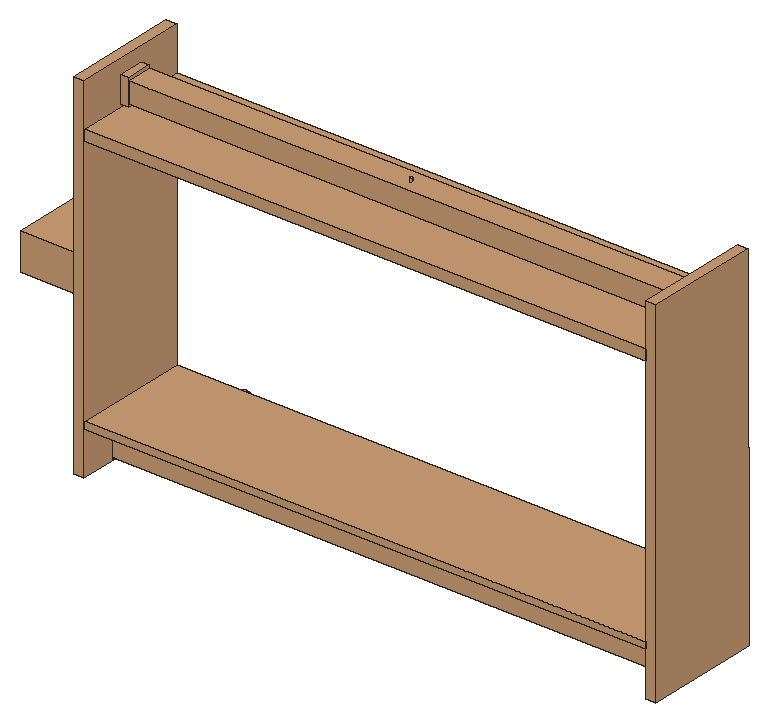
Revit family
Parameters
  Center of Unit = 0' - 0"  # constant formula
  Total Heating Capacity [instance] = 0.0 Btu/h
  Series = "VIFB"
  Outlet Area = 35.80 SF
  Lower Frame Thickness = if(Headers Height = 0' 3", 0' 1 1/4", if(Headers Height = 0' 3 1/4", 0' 1 1/4", 0' 0"))  # 0' - 1 1/4"
  Water Pressure Drop [instance] = 0.00 psi
  Water Flow [instance] = 0 GPM
  Unit Weight (lbs) = 1215
  URL = "http://www.ljwing.com/"
  Water Outlet Radius = 0' - 1 1/2"
  Headers Height = if(M = 0' 1", 0' 3", if(M = 0' 1 1/2", 0' 3 1/4", 0' 0"))  # 0' - 3 1/4"
  Number of Rows = 2  # constant formula
  Number of Coils [instance] = 0
  Nominal Length = 9' - 3 3/16"
  N = 1' - 0 3/4"
  Model = "VC-10W"
  Manufacturer = "LJ Wing"
  M = 0' - 1 1/2"
  Leaving Water Temperature [instance] = 0 °F
  Leaving Air Temperature [instance] = 0 °F
  Entering Water Temperature [instance] = 0 °F
  Entering Air Temperature [instance] = 0 °F
  Description = "Vertical Integral Face & Bypass Water Heating Coils"
  Hot Water Inlet  Radius = 0' - 1 1/2"
  Coil Face Area = Outlet Area * 0.56  # 20.048 SF
  Casing Material = ""
  Assembly Code = "D3020300"
  Air Vent Radius = 0' - 0 1/4"
  Air Pressure Drop [instance] = 0.00 in-wg
  Air Inlet Width = Nominal Length - 0' 4"  # 8' - 11 3/16"
  Air Inlet Height = Y  # 4' - 0"
  Air Flow [instance] = 0 CFM
  Y = 4' - 0"
  S = 0' - 9 3/4"  # constant formula
  Product URL = "http://www.ljwing.com/html/vifb.asp"
  OmniClass = "23-75 70 21 14 "
  Nominal Height = 5' - 8"
  Nominal Depth = 1' - 10"
  R = 0' - 10 1/4"  # constant formula
  Q = 0' - 4 19/32"
Reference planes (in)
  plane 1 "Center (Front/Back)": y = 0
  plane 2: z = -24
  plane 3 "Center (Left/Right)": x = 0
  plane 4: z = 34.25
  plane 5: x = -55.59375
  plane 6: x = 55.59375
  plane 7: z = -33.75
  plane 8: z = 0
  plane 9: y = -11
  plane 10: y = 11
  plane 11: z = 24
  plane 12: z = 26
  plane 13: z = -25.25
  plane 14: x = 53.59375
  plane 15: x = -53.59375
  plane 16: x = -51
  plane 17: x = 51
  plane 18: y = 14.0625
  plane 19: x = -66.59375
  plane 20: z = 31.125
  plane 21: z = 27.125
  plane 22: y = -2.5
  plane 23: y = 2.5
  plane 24: y = -4.5
  plane 25: z = -31.375
  plane 26: x = -42.84375
  plane 27: x = 42.84375
  plane 28: z = -27.375
Forms (in)
  Extrusion 1, solid, material "Painted Finish"
    sketch origin (0, 6, -9.75) x (1, 0, 0) y (0, 0, 1)
      loop
        line (-55.59375, -24) -> (-53.59375, -24) -> (-53.59375, 44) -> (-55.59375, 44) -> (-55.59375, -24)
      loop
        line (55.59375, -24) -> (55.59375, 44) -> (53.59375, 44) -> (53.59375, -24) -> (55.59375, -24)
    from -5 to 17
  Extrusion 2, solid, material "Painted Finish"
    sketch origin (0, 6, 0) x (1, 0, 0) y (0, 0, 1)
      loop
        line (53.59375, -24) -> (-53.59375, -24) -> (-53.59375, -25.25) -> (53.59375, -25.25) -> (53.59375, -24)
      loop
        line (53.59375, 24) -> (53.59375, 26) -> (-53.59375, 26) -> (-53.59375, 24) -> (53.59375, 24)
    from -5 to 17
  Extrusion 3, solid, material "Painted Finish"
    sketch origin (0, 10, -0.5) x (1, 0, 0) y (0, 0, 1)
      loop
        line (-55.59375, 4) -> (-66.59375, 4) -> (-66.59375, -3) -> (-55.59375, -3) -> (-55.59375, 4)
    from 0 to 20
  Extrusion 4, solid, material "Painted Finish"
    sketch origin (0, 6, 0) x (1, 0, 0) y (0, 0, 1)
      loop
        line (-51.96875, 31.125) -> (-51.96875, 27.125) -> (51.96875, 27.125) -> (51.96875, 31.125) -> (-51.96875, 31.125)
    from 3.5 to 8.5
  Extrusion 5, solid, material "Painted Finish"
    sketch origin (0, 0, 0) x (1, 0, 0) y (0, 0, 1)
      loop
        line (-51.96875, 26.625) -> (-51.96875, 31.625) -> (-53.59375, 31.625) -> (-53.59375, 26.625) -> (-51.96875, 26.625)
      loop
        line (53.59375, 26.625) -> (53.59375, 31.625) -> (51.96875, 31.625) -> (51.96875, 26.625) -> (53.59375, 26.625)
    from -2.5 to 2.5
  Extrusion 6, solid, material "Painted Finish"
    sketch origin (0, 6, 0) x (1, 0, 0) y (0, 0, 1)
      loop
        line (-53.09375, -25.75) -> (-53.09375, -25.5) -> (-53.59375, -25.5) -> (-53.59375, -29.25) -> (-53.09375, -29.25) -> (-53.09375, -29) -> (53.09375, -29) -> (53.09375, -29.25) -> (53.59375, -29.25) -> (53.59375, -25.5) -> (53.09375, -25.5) -> (53.09375, -25.75) -> (-53.09375, -25.75)
      loop
        line (53.09375, -33) -> (53.09375, -33.125) -> (53.59375, -33.125) -> (53.59375, -29.5) -> (53.09375, -29.5) -> (53.09375, -29.75) -> (-53.09375, -29.75) -> (-53.09375, -29.5) -> (-53.59375, -29.5) -> (-53.59375, -33.25) -> (-53.09375, -33.25) -> (-53.09375, -33) -> (53.09375, -33)
    from -5 to 10.5
  Extrusion 7, void
    sketch origin (0, 0, 0) x (1, 0, 0) y (0, 0, 1)
      loop
        line (-53.59375, 24) -> (-53.59375, -24) -> (53.59375, -24) -> (53.59375, 24) -> (-53.59375, 24)
    from -11 to 11
  Extrusion 8, solid, material "Painted Finish"
    sketch origin (0, 0, 0) x (1, 0, 0) y (0, 0, 1)
      loop
        circle (42.84375, -31.375) r 1.5
      loop
        circle (-42.84375, -27.375) r 1.5
    from -14.0625 to -11
  Extrusion 9, solid, material "Painted Finish"
    sketch origin (0, 0, 0) x (1, 0, 0) y (0, 1, 0)
      loop
        circle (0, 0) r 0.25
    from 31.125 to 31.625
Cuts and joins
  Extrusion 7 cuts Extrusion 1
  Extrusion 7 cuts Extrusion 2
Dimensions and locks (in)
  "Nominal Length": plane 6 to plane 5
  equal spacing: plane 6, plane 3 "Center (Left/Right)", plane 5
  "S": plane 2 to plane 7
  "Nominal Depth": plane 10 to plane 9
  equal spacing: plane 10, plane 1 "Center (Front/Back)", plane 9
  "Y": plane 11 to plane 2
  "R": plane 4 to plane 11
  locked: plane 12 to plane 11 at 2
  "Lower Frame Thickness": plane 2 to plane 13
  "Q": plane 16 to plane 5
  "Q": plane 6 to plane 17
  locked: plane 18 to plane 10 at 3.0625
  locked: plane 5 to plane 19 at 11
  locked: Extrusion 3 sketch curve to Extrusion 3 sketch curve at 7
  locked: Extrusion 3 to Extrusion 3 at 20
  locked: plane 6 to plane 14 at 2
  locked: plane 15 to plane 5 at 2
  locked: Extrusion 5 sketch curve to plane 20 at 0.5
  locked: plane 21 to Extrusion 5 sketch curve at 0.5
  locked: plane 20 to plane 21 at 4
  locked: plane 23 to plane 22 at 5
  equal spacing: plane 23, plane 1 "Center (Front/Back)", plane 22
  locked: plane 22 to plane 24 at 2
  plane 4 to plane 7 = 5' - 8"
  locked: Extrusion 5 sketch curve to Extrusion 1 at 1.625
  locked: Extrusion 5 sketch curve to Extrusion 5 sketch curve at 1.625
  locked: Extrusion 7 sketch curve to plane 11 at 0
  locked: Extrusion 7 sketch curve to plane 15 at 0
  locked: Extrusion 7 sketch curve to plane 14 at 0
  locked: plane 15 to Extrusion 6 sketch curve at 0.5
  locked: Extrusion 6 sketch curve to Extrusion 6 sketch curve at 0.25  (x2)
  locked: plane 25 to plane 7 at 2.375
  "N": plane 26 to plane 5
  "N": plane 6 to plane 27
  locked: plane 28 to plane 7 at 6.375
  "Headers Height": Extrusion 6 sketch curve to Extrusion 6 sketch curve  (x2)
  locked: Extrusion 8 sketch curve to plane 25 at 0
  locked: Extrusion 8 sketch curve to plane 28 at 0
  locked: Extrusion 9 sketch curve to plane 1 "Center (Front/Back)" at 0
  locked: Extrusion 9 sketch curve to plane 3 "Center (Left/Right)" at 0
  equal spacing: Extrusion 6 sketch curve, plane 28, Extrusion 6 sketch curve
  equal spacing: Extrusion 6 sketch curve, plane 25, Extrusion 6 sketch curve
  locked: plane 4 to plane 20 at 3.125
  locked: Extrusion 7 sketch curve to plane 2 at 0
  equal spacing: plane 11, plane 8, plane 2
  locked: Extrusion 8 sketch curve to plane 27 at 0
  locked: Extrusion 8 sketch curve to plane 26 at 0
  "M": radius of Extrusion 8 sketch curve  (x2)
  "Air Vent Radius": radius of Extrusion 9 sketch curve
  aligned and locked: Extrusion 1 to plane 9
  aligned and locked: Extrusion 1 to plane 10
  aligned and locked: Extrusion 1 to plane 15
  aligned and locked: Extrusion 1 to plane 14
  aligned and locked: Extrusion 2 to plane 9
  aligned and locked: plane 9 to Extrusion 1
  aligned and locked: plane 10 to Extrusion 1  (x2)
  aligned and locked: Extrusion 2 to plane 10
  aligned and locked: plane 10 to Extrusion 2  (x2)
  aligned and locked: plane 9 to Extrusion 2  (x2)
  aligned and locked: plane 5 to Extrusion 3
  aligned and locked: Extrusion 5 sketch curve to plane 15
  aligned and locked: Extrusion 5 sketch curve to Extrusion 4
  aligned and locked: Extrusion 1 to Extrusion 6
  aligned and locked: plane 22 to Extrusion 5
  aligned and locked: Extrusion 5 to Extrusion 4  (x2)
  aligned and locked: Extrusion 5 to plane 23
  aligned and locked: Extrusion 6 to plane 24
  aligned and locked: Extrusion 4 to Extrusion 5  (x2)
  aligned and locked: Extrusion 5 to Extrusion 1  (x2)
  aligned and locked: Extrusion 1 to Extrusion 7  (x2)
  aligned and locked: plane 18 to Extrusion 8
  aligned and locked: Extrusion 8 to plane 10
  aligned and locked: plane 20 to Extrusion 9
  aligned and locked: Extrusion 9 to Extrusion 5
  aligned and locked: plane 2 to cut or joined group of Extrusion 2, Extrusion 7
  aligned and locked: Extrusion 1 sketch curve to plane 6
  aligned and locked: Extrusion 1 sketch curve to plane 14
  aligned and locked: Extrusion 1 sketch curve to plane 15
  aligned and locked: Extrusion 1 sketch curve to plane 5
  aligned and locked: Extrusion 1 sketch curve to plane 4  (x2)
  aligned and locked: plane 7 to Extrusion 1 sketch curve  (x2)
  aligned and locked: Extrusion 2 sketch curve to plane 11
  aligned and locked: Extrusion 2 sketch curve to plane 12
  aligned and locked: plane 2 to Extrusion 2 sketch curve
  aligned and locked: Extrusion 2 sketch curve to plane 13
  aligned and locked: Extrusion 2 sketch curve to plane 14  (x2)
  aligned and locked: Extrusion 2 sketch curve to plane 15  (x2)
  aligned and locked: plane 20 to Extrusion 4 sketch curve
  aligned and locked: Extrusion 4 sketch curve to plane 21
  aligned and locked: Extrusion 6 sketch curve to plane 14  (x2)
  aligned and locked: plane 15 to Extrusion 6 sketch curve  (x2)
Automatic sketch dimensions
  Extrusion 3 sketch curve to plane 19 = 0' - 0"
  Extrusion 3 sketch curve to plane 5 = 0' - 0"
  plane 8 to Extrusion 3 sketch curve = 0' - 3 1/2"
  Extrusion 4 sketch curve to plane 16 = 0' - 0 31/32"
  plane 17 to Extrusion 4 sketch curve = 0' - 0 31/32"
  plane 21 to Extrusion 5 sketch curve = 0' - 0 1/2"
  Extrusion 5 sketch curve to plane 20 = 0' - 0 1/2"
  plane 15 to Extrusion 6 sketch curve = 0' - 0 1/2"  (x2)
  Extrusion 6 sketch curve to Extrusion 6 sketch curve = 0' - 0 1/4"  (x5)
  Extrusion 6 sketch curve to Extrusion 6 sketch curve = 0' - 0"  (x2)
  Extrusion 6 sketch curve to plane 14 = 0' - 0 1/2"  (x2)
  Extrusion 6 sketch curve to Extrusion 6 sketch curve = 0' - 0 1/2"
  Extrusion 6 sketch curve to plane 7 = 0' - 0 5/8"
Connectors (in)
  hvac at (0, -11, 0), driven by "Air Inlet Height", driven by "Air Inlet Width", driven by "Air Flow", driven by "Air Pressure Drop"
    settings: on Extrusion 7, index 1
  hvac at (0, 11, 0), driven by "Air Pressure Drop", driven by "Air Inlet Height", driven by "Air Inlet Width", driven by "Air Flow"
    settings: on Extrusion 7, index 2
  piping at (-42.84375, 14.0625, -27.375), driven by "M", driven by "Water Flow", driven by "Water Pressure Drop"
    settings: on Extrusion 8, index 4
  piping at (42.84375, 14.0625, -31.375), driven by "Water Pressure Drop", driven by "Water Flow", driven by "M"
    settings: on Extrusion 8, index 5
